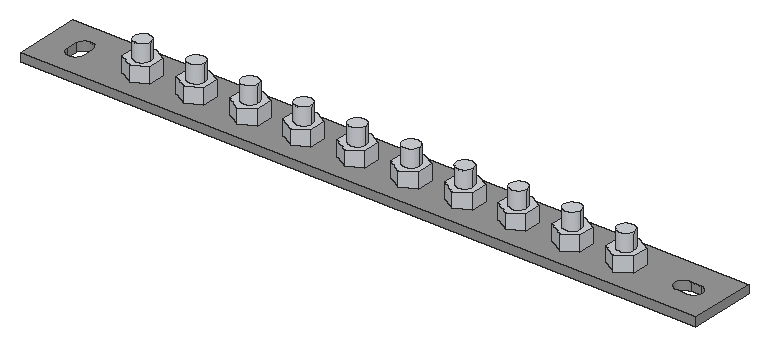
Revit family "Potentialausgleichsschiene BigBar für Industriebereich_Stainless Steel", category Generic Models, Revit 2015
Parameters (values of type "1802 10 VA")
  Width = 40 mm
  URL = "http://www.obo-bettermann.com"
  Material = Stainless Steel
  Manufacturer Art.No. = "5015866"
  Manufacturer = "OBO Bettermann"
  Length 1 = 292.5 mm
  Length = 408.5 mm
  Height = 5 mm
  GTIN = "4012195002284"
  Cut's number = 10
  Article Type = "1802 10 VA"
Types (3, lengths in mm): name | Manufacturer Art.No. | Length 1 | Length | GTIN | Cut's number | Article Type
  (no name) | "5015866" | 292.5 | 408.5 | "4012195002284" | 10 | "1802 10 VA"
  1802 5 VA | "5015854" | 130 | 246 | "4012195002277" | 5 | "1802 5 VA"
  1802 10 VA | "5015866" | 292.5 | 408.5 | "4012195002284" | 10 | "1802 10 VA"
Reference planes
  plane 1 "Center (Front/Back)": y = 0
  plane 2: z = 0
  plane 3 "Center (Left/Right)": x = 0
  plane 4: z = 5
  plane 5: z = 14
  plane 6: z = 24
Forms (mm)
  Extrusion 1, solid, material "Stainless Steel" <- "Material"
    sketch origin (0, 0, 0) x (1, 0, 0) y (0, 1, 0)
      loop
        line (-58, 20) -> (-58, -20) -> (350.5, -20) -> (350.5, 20) -> (-58, 20)
    from 0 to 5
  Extrusion 2, solid
    sketch origin (0, 0, 0) x (1, 0, 0) y (0, 1, 0)
      loop
        line (8.461, 4.885) -> (0, 9.77) -> (-8.461, 4.885) -> (-8.461, -4.885) -> (0, -9.77) -> (8.461, -4.885) -> (8.461, 4.885)
    from 5 to 14
  Extrusion 3, solid
    sketch origin (0, 0, 0) x (1, 0, 0) y (0, 1, 0)
      loop
        circle (0, 0) r 5
    from 14 to 24
  Extrusion 4, solid
    sketch origin (292.5, 0, 0) x (1, 0, 0) y (0, 1, 0)
      loop
        line (8.461, 4.885) -> (0, 9.77) -> (-8.461, 4.885) -> (-8.461, -4.885) -> (0, -9.77) -> (8.461, -4.885) -> (8.461, 4.885)
    from 5 to 14
  Extrusion 5, solid
    sketch origin (292.5, 0, 0) x (1, 0, 0) y (0, 1, 0)
      loop
        circle (0, 0) r 5
    from 14 to 24
  Extrusion 6, solid
    sketch origin (32.5, 0, 0) x (1, 0, 0) y (0, 1, 0)
      loop
        line (8.461, 4.885) -> (0, 9.77) -> (-8.461, 4.885) -> (-8.461, -4.885) -> (0, -9.77) -> (8.461, -4.885) -> (8.461, 4.885)
    from 5 to 14
  Extrusion 7, solid
    sketch origin (32.5, 0, 0) x (1, 0, 0) y (0, 1, 0)
      loop
        circle (0, 0) r 5
    from 14 to 24
  Extrusion 8, solid
    sketch origin (65, 0, 0) x (1, 0, 0) y (0, 1, 0)
      loop
        line (8.461, 4.885) -> (0, 9.77) -> (-8.461, 4.885) -> (-8.461, -4.885) -> (0, -9.77) -> (8.461, -4.885) -> (8.461, 4.885)
    from 5 to 14
  Extrusion 9, solid
    sketch origin (65, 0, 0) x (1, 0, 0) y (0, 1, 0)
      loop
        circle (0, 0) r 5
    from 14 to 24
  Extrusion 10, solid
    sketch origin (97.5, 0, 0) x (1, 0, 0) y (0, 1, 0)
      loop
        line (8.461, 4.885) -> (0, 9.77) -> (-8.461, 4.885) -> (-8.461, -4.885) -> (0, -9.77) -> (8.461, -4.885) -> (8.461, 4.885)
    from 5 to 14
  Extrusion 11, solid
    sketch origin (97.5, 0, 0) x (1, 0, 0) y (0, 1, 0)
      loop
        circle (0, 0) r 5
    from 14 to 24
  Extrusion 12, void
    sketch origin (0, 0, 0) x (1, 0, 0) y (0, 1, 0)
      loop
        arc (-43.25, -3.25) -> (-38, -8.5) -> (-32.75, -3.25) r 5.25
        line (-32.75, -3.25) -> (-32.75, 3.25)
        arc (-32.75, 3.25) -> (-38, 8.5) -> (-43.25, 3.25) r 5.25
        line (-43.25, 3.25) -> (-43.25, -3.25)
      loop
        arc (327.25, 5.25) -> (322, 0) -> (327.25, -5.25) r 5.25
        line (327.25, -5.25) -> (333.75, -5.25)
        arc (333.75, -5.25) -> (339, 0) -> (333.75, 5.25) r 5.25
        line (333.75, 5.25) -> (327.25, 5.25)
    from 0 to 5
  Extrusion 13, solid
    sketch origin (130, 0, 0) x (1, 0, 0) y (0, 1, 0)
      loop
        line (8.461, 4.885) -> (0, 9.77) -> (-8.461, 4.885) -> (-8.461, -4.885) -> (0, -9.77) -> (8.461, -4.885) -> (8.461, 4.885)
    from 5 to 14
  Extrusion 14, solid
    sketch origin (130, 0, 0) x (1, 0, 0) y (0, 1, 0)
      loop
        circle (0, 0) r 5
    from 14 to 24
  Extrusion 15, solid
    sketch origin (162.5, 0, 0) x (1, 0, 0) y (0, 1, 0)
      loop
        line (8.461, 4.885) -> (0, 9.77) -> (-8.461, 4.885) -> (-8.461, -4.885) -> (0, -9.77) -> (8.461, -4.885) -> (8.461, 4.885)
    from 5 to 14
  Extrusion 16, solid
    sketch origin (162.5, 0, 0) x (1, 0, 0) y (0, 1, 0)
      loop
        circle (0, 0) r 5
    from 14 to 24
  Extrusion 17, solid
    sketch origin (195, 0, 0) x (1, 0, 0) y (0, 1, 0)
      loop
        line (8.461, 4.885) -> (0, 9.77) -> (-8.461, 4.885) -> (-8.461, -4.885) -> (0, -9.77) -> (8.461, -4.885) -> (8.461, 4.885)
    from 5 to 14
  Extrusion 18, solid
    sketch origin (195, 0, 0) x (1, 0, 0) y (0, 1, 0)
      loop
        circle (0, 0) r 5
    from 14 to 24
  Extrusion 19, solid
    sketch origin (227.5, 0, 0) x (1, 0, 0) y (0, 1, 0)
      loop
        line (8.461, 4.885) -> (0, 9.77) -> (-8.461, 4.885) -> (-8.461, -4.885) -> (0, -9.77) -> (8.461, -4.885) -> (8.461, 4.885)
    from 5 to 14
  Extrusion 20, solid
    sketch origin (227.5, 0, 0) x (1, 0, 0) y (0, 1, 0)
      loop
        circle (0, 0) r 5
    from 14 to 24
  Extrusion 21, solid
    sketch origin (260, 0, 0) x (1, 0, 0) y (0, 1, 0)
      loop
        line (8.461, 4.885) -> (0, 9.77) -> (-8.461, 4.885) -> (-8.461, -4.885) -> (0, -9.77) -> (8.461, -4.885) -> (8.461, 4.885)
    from 5 to 14
  Extrusion 22, solid
    sketch origin (260, 0, 0) x (1, 0, 0) y (0, 1, 0)
      loop
        circle (0, 0) r 5
    from 14 to 24
Cuts and joins
  Extrusion 12 cuts Extrusion 1
Dimensions and locks
  "Height": plane 4 to level
  equal spacing: Extrusion 1 sketch curve, plane 1 "Center (Front/Back)", Extrusion 1 sketch curve, locked at 20 each
  locked: Extrusion 1 sketch curve to plane 3 "Center (Left/Right)" at 58
  "Width": Extrusion 1 sketch curve to Extrusion 1 sketch curve
  "Length": Extrusion 1 sketch curve to Extrusion 1 sketch curve
  locked: Extrusion 2 sketch curve to Extrusion 2 sketch curve at 16.922  (x3)
  locked: Extrusion 4 sketch curve to Extrusion 4 sketch curve at 16.922  (x3)
  equal spacing: group 1, group 3, group 4, group 5, group 6, group 7, group 8, group 9, group 10, group 2  (x3)
  "Length 1": Extrusion 2 to Extrusion 4
  locked: Extrusion 6 sketch curve to Extrusion 6 sketch curve at 16.922  (x3)
  locked: Extrusion 8 sketch curve to Extrusion 8 sketch curve at 16.922  (x3)
  locked: Extrusion 10 sketch curve to Extrusion 10 sketch curve at 16.922  (x3)
  locked: Extrusion 12 sketch curve to Extrusion 12 sketch curve at 10.5  (x2)
  locked: Extrusion 1 to Extrusion 12 sketch curve at 14.75
  locked: Extrusion 12 sketch curve to Extrusion 12 sketch curve at 6.5  (x3)
  equal spacing: Extrusion 12 sketch curve, plane 1 "Center (Front/Back)", Extrusion 12 sketch curve, locked at 3.25 each
  equal spacing: Extrusion 12 sketch curve, plane 1 "Center (Front/Back)", Extrusion 12 sketch curve, locked at 5.25 each
  locked: Extrusion 12 sketch curve to Extrusion 1 at 16.75  (x2)
  locked: Extrusion 13 sketch curve to Extrusion 13 sketch curve at 16.922  (x3)
  locked: Extrusion 15 sketch curve to Extrusion 15 sketch curve at 16.922  (x3)
  locked: Extrusion 17 sketch curve to Extrusion 17 sketch curve at 16.922  (x3)
  locked: Extrusion 19 sketch curve to Extrusion 19 sketch curve at 16.922  (x3)
  locked: Extrusion 21 sketch curve to Extrusion 21 sketch curve at 16.922  (x3)
  diameter of Extrusion 3 sketch curve = 10 mm
  diameter of Extrusion 5 sketch curve = 10 mm
  diameter of Extrusion 7 sketch curve = 10 mm
  diameter of Extrusion 9 sketch curve = 10 mm
  diameter of Extrusion 11 sketch curve = 10 mm
  radius of Extrusion 12 sketch curve = 5.25 mm  (x2)
  diameter of Extrusion 14 sketch curve = 10 mm
  diameter of Extrusion 16 sketch curve = 10 mm
  diameter of Extrusion 18 sketch curve = 10 mm
  diameter of Extrusion 20 sketch curve = 10 mm
  diameter of Extrusion 22 sketch curve = 10 mm
  aligned and locked: level to plane 2
  aligned and locked: Extrusion 1 to level
  aligned and locked: Extrusion 1 to plane 4
  aligned and locked: Extrusion 2 to plane 4
  aligned and locked: plane 5 to Extrusion 2
  aligned and locked: Extrusion 3 to plane 5
  aligned and locked: plane 6 to Extrusion 3
  aligned and locked: Extrusion 12 to level
  aligned and locked: Extrusion 12 to plane 4
Automatic sketch dimensions
  Extrusion 2 sketch curve to Extrusion 2 sketch curve = 8.461 mm  (x2)
  Extrusion 2 sketch curve to Extrusion 2 sketch curve = 4.885 mm
  Extrusion 4 sketch curve to Extrusion 4 sketch curve = 8.461 mm  (x2)
  Extrusion 4 sketch curve to Extrusion 4 sketch curve = 4.885 mm
  Extrusion 6 sketch curve to Extrusion 6 sketch curve = 8.461 mm  (x2)
  Extrusion 6 sketch curve to Extrusion 6 sketch curve = 4.885 mm
  Extrusion 8 sketch curve to Extrusion 8 sketch curve = 8.461 mm  (x2)
  Extrusion 8 sketch curve to Extrusion 8 sketch curve = 4.885 mm
  Extrusion 10 sketch curve to Extrusion 10 sketch curve = 8.461 mm  (x2)
  Extrusion 10 sketch curve to Extrusion 10 sketch curve = 4.885 mm
  Extrusion 13 sketch curve to Extrusion 13 sketch curve = 8.461 mm  (x2)
  Extrusion 13 sketch curve to Extrusion 13 sketch curve = 4.885 mm
  Extrusion 15 sketch curve to Extrusion 15 sketch curve = 8.461 mm  (x2)
  Extrusion 15 sketch curve to Extrusion 15 sketch curve = 4.885 mm
  Extrusion 17 sketch curve to Extrusion 17 sketch curve = 8.461 mm  (x2)
  Extrusion 17 sketch curve to Extrusion 17 sketch curve = 4.885 mm
  Extrusion 19 sketch curve to Extrusion 19 sketch curve = 8.461 mm  (x2)
  Extrusion 19 sketch curve to Extrusion 19 sketch curve = 4.885 mm
  Extrusion 21 sketch curve to Extrusion 21 sketch curve = 8.461 mm  (x2)
  Extrusion 21 sketch curve to Extrusion 21 sketch curve = 4.885 mm
